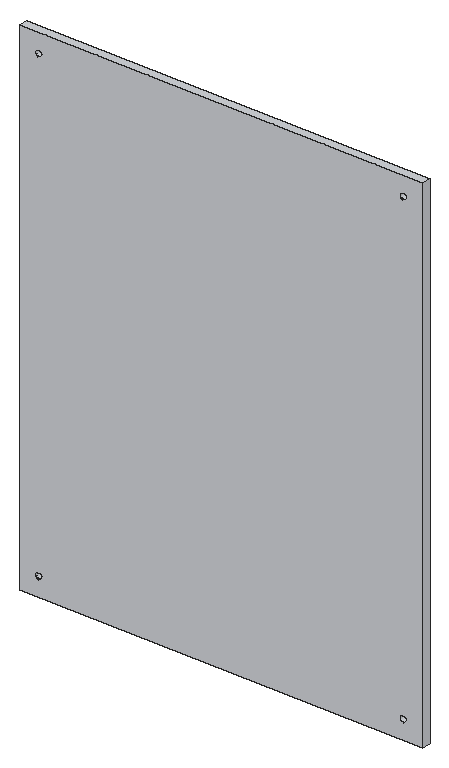
Revit family "AX6865P-394X495_0004", category Appareils sanitaires, Revit 2016
Family settings
  Hôte = Mur
  Type d'élément = Normal
  Cote de connecteur circulaire = Utiliser le diamètre
  Numéro OmniClass = 23.75.00.00
  Titre OmniClass = Climate Control (HVAC)
  Toujours verticalement = Oui
  Couper avec des vides une fois chargée = Non
  Partagée = Non
  Point de calcul de pièce = Non
Parameters (values of type "Type 1")
  URL = "https://www.axeuro.com/fr/miroirs-incassables-tout-en-inox/25479-miroir-ax6865p-394x495.html?search_query=ax6865p&results=5"
  Modèle = "AX6865P-394X495"  # constant formula
  Matériaux = "En inox 304 (18/10) Bactériostatique"  # constant formula
  Finition = "Poli Miroir HyperPolish"  # constant formula
  Fabricant = "Axeuro"  # constant formula
  Description = "Miroir incassable"  # constant formula
Reference planes
  plane 1 "Mur": y = 0
  plane 2 "Centre (gauche/droite)": x = 0
  plane 3 "Arrière": y = 75
Forms (mm)
  Extrusion 1, solid
    sketch origin (1717.616, 75, 1806.609) x (0, 0, 1) y (-1, 0, 0)
      loop
        line (214.008, 1914.616) -> (-280.992, 1914.616) -> (-280.992, 1520.616) -> (214.008, 1520.616) -> (214.008, 1914.616)
    from -8 to 0
  Extrusion 2, void
    sketch origin (1958.54, 75, 2001.616) x (0, 0, 1) y (-1, 0, 0)
      loop
        circle (0, 1780.54) r 3
    from -8 to 0
  Extrusion 3, void
    sketch origin (0, 75, 0) x (1, 0, 0) y (0, 0, 1)
      loop
        circle (178, 2001.616) r 5
    from -8 to -7.08
  Extrusion 4, void
    sketch origin (-1958.54, 75, 2001.616) x (0, 0, 1) y (-1, 0, 0)
      loop
        circle (0, -1780.54) r 3
    from -8 to 0
  Extrusion 5, void
    sketch origin (0, 75, 0) x (-1, 0, 0) y (0, 0, -1)
      loop
        circle (178, -2001.616) r 5
    from -8 to -7.08
  Extrusion 6, void
    sketch origin (1958.54, 75, 1544.616) x (0, 0, -1) y (1, 0, 0)
      loop
        circle (0, -1780.54) r 3
    from -8 to 0
  Extrusion 7, void
    sketch origin (0, 75, 3546.233) x (1, 0, 0) y (0, 0, 1)
      loop
        circle (178, -2001.616) r 5
    from -8 to -7.08
  Extrusion 8, void
    sketch origin (-1958.54, 75, 1544.616) x (0, 0, -1) y (1, 0, 0)
      loop
        circle (0, 1780.54) r 3
    from -8 to 0
  Extrusion 9, void
    sketch origin (0, 75, 3546.233) x (-1, 0, 0) y (0, 0, -1)
      loop
        circle (178, 2001.616) r 5
    from -8 to -7.08
Cuts and joins
  Extrusion 2, Extrusion 3, Extrusion 4, Extrusion 5, Extrusion 6, Extrusion 7, Extrusion 8, Extrusion 9 cuts Extrusion 1
Text (mm)
  text "Côté de la mise en place" at (-1820.995, 1116.779, 0), in view "Niveau de réf."
  text "Côté de la mise en place" at (0, 1334.055, 2976.191), in view "Gauche"
  text "Côté de la mise en place" at (0, 439.194, 2944.362), in view "Droite"
Dimensions and locks
  locked: plane 3 "Arrière" to host wall
  aligned and locked: plane 1 "Mur" to host wall
